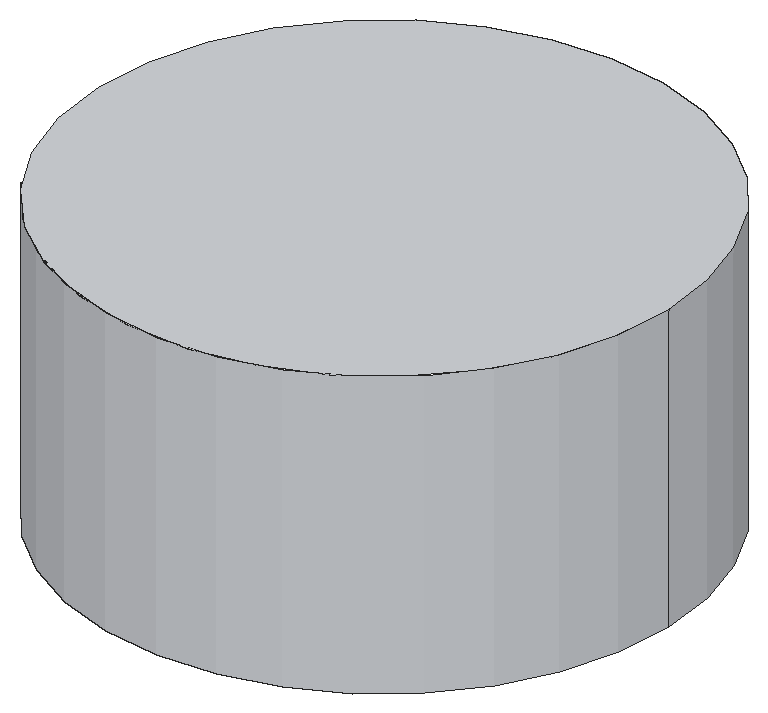
Revit family "UF-602-102_PHBSZNLP", category Modèles génériques, Revit 2021
Family settings
  Peut héberger une armature = Non
  Cote de connecteur circulaire = Utiliser le diamètre
  Type d'élément = Normal
  Basée sur le plan de construction = Non
  Toujours verticalement = Oui
  Couper avec des vides une fois chargée = Non
  Partagée = Non
  Point de calcul de pièce = Non
Parameters (values of type "Norme")
  URL = "https://www.urmet.fr/plaque+de+rue+phbsznlp-4484"
  Modèle = "PHBSZNLP"
  Fabricant = "URMET FRANCE"
  Elévation par défaut = 0 mm
  Description = "INTERPHONE HBS"
Reference planes
  plane 1 "Centre (avant/arrière)": y = 0
  plane 2: z = 0
  plane 3 "Centre (gauche/droite)": x = 0
Forms (mm)
  Extrusion 1, solid
    sketch origin (2.69, 10.264, 55.5) x (1, 0, 0) y (0, 1, 0)
      loop
        circle (0, 0) r 3.048
    from 0 to -3.048
Dimensions and locks
  aligned and locked: level to plane 2
Connectors
  electrical at (2.69, 10.264, 55.5)
    settings: on Extrusion 1, index 1, voltage 0 V, apparent load 0 VA, apparent load phase1 0 VA, apparent load phase2 0 VA, apparent load phase3 0 VA, power factor 1, load classification "Autre", number of poles 1, system type 12, power factor state 1, is connector primary yes, connector utility no, sub classification motor no, connector description ""
